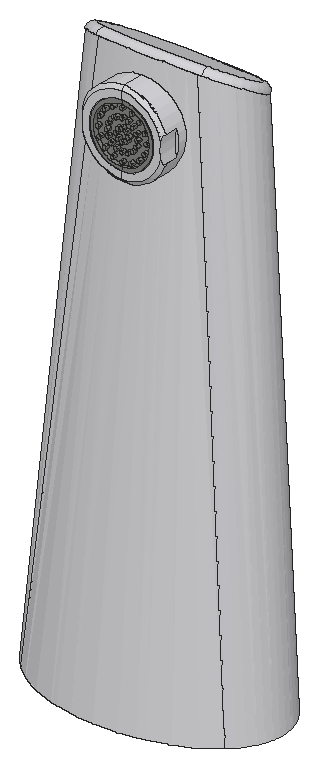
Revit family "Faucet-Wall_Mount-Bath_Spout-KOHLER-Complementary-K-10385IN_1", category Plumbing Fixtures, host Face, Revit 2021
Family settings
  Host = Face
  Round Connector Dimension = Use Diameter
  Part Type = Normal
  OmniClass Number = 23.31.11.00
  OmniClass Title = Faucets
  Cut with Voids When Loaded = No
  Shared = No
  Room Calculation Point = No
Parameters (values of type "CP-Polished Chrome")
  Width = 2 97/128"  # constant formula
  WaterSense Certified = 1 = 0  # no
  Waste Water Outlet = "Waste Water Outlet"  # constant formula
  Waste Connection = 1 = 0  # no
  Vent Connection = 1 = 0  # no
  URL = "https://www.kohler.co.in/"
  Type = 4
  Tempered Water Inlet = "Tempered Water Inlet"  # constant formula
  Spout Reach = 5 77/128"  # constant formula
  Product Page URL = "https://www.kohler.co.in/product-detail/10385in?skuid=K-10385IN-CP"
  Product Name = "Complementary"  # constant formula
  Product Documentation Link = ""
  Pressure = 4.51 psi  # constant formula
  Model = if(Type = 1, "K-10385IN-AF", if(Type = 2, "K-10385IN-BN", if(Type = 3, "K-10385IN-BV", if(Type = 4, "K-10385IN-CP", "NA"))))  # "K-10385IN-CP"
  Material = "Premium Metal Construction"  # constant formula
  Master Format 2014 Name = "Residential Faucets, Supplies, and Trim"  # constant formula
  Master Format 2014 = "22 41 39"  # constant formula
  Manufacturer Address = "Ambience Office Tower NH-8 Gurgaon / Gurugram Haryana , 122001"  # constant formula
  Manufacturer = "Kohler Co."  # constant formula
  Length = Spout Reach  # 5 77/128"
  Hot Water Inlet = "Hot Water Inlet"  # constant formula
  Height = 1 99/128"  # constant formula
  HW Connection = 1 = 1  # yes
  Flow Rate = 8.31 GPM  # constant formula
  Finish = Kohler-Metal-CP-Polished_Chrome
  Environmental Product Declaration = ""
  Drain Included = 1 = 0  # no
  Description = "Bath Spout, Without Diverter, Flat Face, 160mm"  # constant formula
  Default Elevation = 36"
  Declare Label = ""
  Date Modified = "02/06/2023"  # constant formula
  Date Created = "02/06/2023"  # constant formula
  Copyright = "Copyright Kohler Co."  # constant formula
  Contact Us = "https://www.kohler.co.in/contact-us"
  Cold Water Inlet = "Cold Water Inlet"  # constant formula
  CW Connection = 1 = 0  # no
  Assembly Code = "D2010"
  ADA Compliant = 1 = 0  # no
Types (5): name | Type | Product Page URL | Model | Finish
  (no name) | 4 | "https://www.kohler.co.in/product-detail/10385in?skuid=K-10385IN-CP" | "K-10385IN-CP" | Kohler-Metal-CP-Polished_Chrome
  AF-Vibrant French Gold | 1 | "https://www.kohler.co.in/product-detail/10385in?skuid=K-10385IN-AF" | "K-10385IN-AF" | Kohler-Metal-AF-Vibrant_French_Gold
  BN-Vibrant Brushed Nickel | 2 | "https://www.kohler.co.in/product-detail/10385in?skuid=K-10385IN-BN" | "K-10385IN-BN" | Kohler-Metal-BN-Vibrant_Brushed_Nickel
  BV-Brushed Bronze | 3 | "https://www.kohler.co.in/product-detail/10385in?skuid=K-10385IN-BV" | "K-10385IN-BV" | Kohler-Metal-BV-Brushed_Bronze
  CP-Polished Chrome | 4 | "https://www.kohler.co.in/product-detail/10385in?skuid=K-10385IN-CP" | "K-10385IN-CP" | Kohler-Metal-CP-Polished_Chrome
Reference planes (in)
  plane 1 "Center (Front/Back)": y = 0
  plane 2: z = 0
  plane 3 "Center (Left/Right)": x = 0
  plane 4: x = 1.37795
  plane 5: y = 0.88583
  plane 6: x = -1.37986
  plane 7: y = -0.88761
  plane 8: x = -0.89173
  plane 9: x = 0.89173
  plane 10: y = -0.57199
  plane 11: z = 6.27708
  plane 12: z = 5.60156
Dimensions and locks (in)
  "Width": plane 6 to plane 4
  "Height": plane 5 to plane 7
  "Length": plane 12 to level
  level to plane 11 = 6.27708"
  plane 8 to plane 9 = 1.78346"
  plane 1 "Center (Front/Back)" to plane 10 = 0.572"
  aligned and locked: plane 2 to host face
  aligned and locked: level to host face
Automatic sketch dimensions
  host sketch curve to host sketch curve = 96"  (x2)
Nested families (in)
  nested 1: "K-10385IN" at (0, 0, 0), type "K-10385IN"
Connectors (in)
  piping at (0, 0, 0), diameter 0.5, driven by "Flow Rate", driven by "Pressure", driven by "HW Connection", driven by "Tempered Water Inlet"
    settings: on nested 1, index 1, connector inside diameter 24", connector length 0", flow factor 0, pipe flow 8.31 GPM, pressure drop 4.51 psi, fitting loss kfactor 0, connector angle 0.00°, fixture units 0, engagement length 0", angle of deflection 0.00°, flow configuration 1, flow direction 1, fitting loss method 4, system type 19, joint type 0, gender type 0, connector reference index -1, connector utility 1, adjustable connector no, is connector primary yes, connector description "Tempered Water Inlet"
Definition of nested family "K-10385IN"
  Parameters
    Material = none
    Default Elevation = 0"
  Reference planes (in)
    plane 1 "Center (Front/Back)": y = 0
    plane 2: z = 0
    plane 3 "Center (Left/Right)": x = 0
    plane 4: z = 5.60236
    plane 5: x = -1.37795
    plane 6: x = 1.37795
    plane 7: x = -0.89173
    plane 8: x = 0.89173
    plane 9: z = 6.27708
    plane 10: y = -0.57199
    plane 11: y = 0.88583
    plane 12: y = -0.88583
    plane 13 "A": through (0, 0.71207, 5.79081) normal (0, -0.5, -0.866)
  Forms (in)
    Sweep 1, solid, material <- "Material", detail levels medium+fine
      path origin (0, 2.68551, 4.65145) x (0, 0.866025, -0.5) y (1, 0, 0)
        loop
          arc (-3.29327, -0.56409) -> (-2.85449, -0.9041) -> (-2.40088, -0.58416) r 0.46678
          arc (-2.40088, -0.58416) -> (-2.30694, 0.01208) -> (-2.40946, 0.60691) r 1.85445
          arc (-2.40946, 0.60691) -> (-2.85779, 0.91708) -> (-3.28926, 0.58385) r 0.46177
          arc (-3.28926, 0.58385) -> (-3.37164, 0.01016) -> (-3.29327, -0.56409) r 2.08961
      profile origin (0.01016, -0.23441, 6.33726) x (0.003493, -0.86602, 0.499997) y (0, -0.5, -0.866025)
        loop
          line (-0.00021, 0.08206) -> (-0.11585, 0.08206) -> (-0.11585, 0) -> (-0.07642, 0)
          arc (-0.07642, 0) -> (-0.02042, 0.02441) -> (-0.00021, 0.08206) r 0.07642
    SweptBlend 2, solid, material <- "Material", detail levels medium+fine
      path origin (0, 0, 0) x (0, 1, 0) y (0, 0, 1)
        loop
          line (0.18308, 6.40386) -> (-0.1672, -0.27988)
      profile origin (0, 0.18308, 6.40386) x (0, 0.99863, -0.052336) y (1, 0, 0)
        loop
          spline (-0.38666, 0.52497) -> (-0.40332, 0.43944) -> (-0.41702, 0.35325) -> (-0.42771, 0.26652) -> (-0.4354, 0.17939) -> (-0.44006, 0.092) -> (-0.44169, 0.00447) -> (-0.44028, -0.08307) -> (-0.43585, -0.17048) -> (-0.42838, -0.25763) -> (-0.41791, -0.34439) -> (-0.40444, -0.43063) -> (-0.38799, -0.51621)
          spline (-0.38799, -0.51621) -> (-0.36209, -0.60104) -> (-0.32196, -0.67856) -> (-0.26913, -0.74582) -> (-0.20562, -0.80022) -> (-0.13388, -0.83967) -> (-0.05666, -0.86267) -> (0.02307, -0.86832) -> (0.10225, -0.85642) -> (0.17785, -0.82741) -> (0.24695, -0.78241) -> (0.3069, -0.72316) -> (0.35541, -0.65192)
          spline (0.35541, -0.65192) -> (0.38189, -0.54435) -> (0.40359, -0.43544) -> (0.42046, -0.32546) -> (0.43244, -0.21468) -> (0.43952, -0.10337) -> (0.44168, 0.0082) -> (0.43891, 0.11976) -> (0.43121, 0.23102) -> (0.41862, 0.34171) -> (0.40115, 0.45157) -> (0.37885, 0.56033) -> (0.35178, 0.66771)
          spline (0.35178, 0.66771) -> (0.30249, 0.7371) -> (0.2422, 0.7945) -> (0.17317, 0.83777) -> (0.09799, 0.86526) -> (0.0195, 0.87596) -> (-0.05935, 0.86944) -> (-0.1356, 0.84597) -> (-0.20638, 0.80643) -> (-0.26903, 0.75229) -> (-0.32118, 0.6856) -> (-0.36089, 0.60886) -> (-0.38666, 0.52497)
      end profile origin (0, -0.1672, -0.27988) x (0, 0.99863, -0.052336) y (1, 0, 0)
        loop
          spline (0.57201, -1.15921) -> (0.69075, -1.01516) -> (0.79215, -0.84135) -> (0.8732, -0.64289) -> (0.93156, -0.42559) -> (0.9655, -0.19582) -> (0.97402, 0.03969) -> (0.95689, 0.27404) -> (0.9146, 0.50036) -> (0.84838, 0.71201) -> (0.76019, 0.9028) -> (0.65261, 1.06713) -> (0.52878, 1.20019)
          spline (0.52878, 1.20019) -> (0.45571, 1.25812) -> (0.37951, 1.30508) -> (0.30087, 1.34065) -> (0.22045, 1.36452) -> (0.13898, 1.37648) -> (0.05714, 1.37642) -> (-0.02433, 1.36436) -> (-0.10473, 1.34038) -> (-0.18336, 1.30471) -> (-0.25952, 1.25765) -> (-0.33257, 1.19962) -> (-0.40185, 1.13112)
          spline (-0.40185, 1.13112) -> (-0.51225, 0.98789) -> (-0.60635, 0.8183) -> (-0.68164, 0.62688) -> (-0.73611, 0.41872) -> (-0.76832, 0.19939) -> (-0.77739, -0.02526) -> (-0.76309, -0.24924) -> (-0.72579, -0.46657) -> (-0.66651, -0.67144) -> (-0.5868, -0.8584) -> (-0.48882, -1.02245) -> (-0.37515, -1.15921)
          spline (-0.37515, -1.15921) -> (-0.30296, -1.22477) -> (-0.22714, -1.27925) -> (-0.14836, -1.32214) -> (-0.06735, -1.35305) -> (0.01516, -1.37171) -> (0.09843, -1.37795) -> (0.18169, -1.37171) -> (0.2642, -1.35305) -> (0.34521, -1.32214) -> (0.42399, -1.27925) -> (0.49981, -1.22477) -> (0.57201, -1.15921)
    Extrusion 3, void
      sketch origin (0, 0, 0) x (0, 1, 0) y (0, 0, 1)
        loop
          line (0.78813, 5.65215) -> (0.78813, 6.55899) -> (-0.34224, 6.55899) -> (-0.34224, 6.30477) -> (0.78813, 5.65215)
      from -1.31629 to 1.11901
    Extrusion 4, solid, material <- "Material", detail levels medium+fine
      sketch origin (0, 2.68551, 4.65145) x (0, 0.866025, -0.5) y (1, 0, 0)
        loop
          arc (-3.17797, 0.55164) -> (-3.25578, 0.00976) -> (-3.18176, -0.53265) r 1.97376
          arc (-3.18176, -0.53265) -> (-2.85189, -0.78827) -> (-2.51086, -0.54774) r 0.35092
          arc (-2.51086, -0.54774) -> (-2.42279, 0.01125) -> (-2.51891, 0.56891) r 1.73859
          arc (-2.51891, 0.56891) -> (-2.85475, 0.80126) -> (-3.17797, 0.55164) r 0.34592
      from 0 to 0.08206
    Revolve 5, solid, material <- "Material", detail levels medium+fine
      sketch origin (0, 0, 0) x (0, 1, 0) y (0, 0, 1)
        loop
          line (-0.17043, 5.95213) -> (-0.17043, 6.07386) -> (-0.53264, 6.07386) -> (-0.57201, 6.03449) -> (-0.57201, 5.95213) -> (-0.17043, 5.95213)
        axis (-0.57201, 5.60203) -> (-0.17043, 5.60203)
      angle from 0 to 360
    Revolve 6, solid, detail levels medium+fine
      sketch origin (0, 0, 0) x (0, 1, 0) y (0, 0, 1)
        loop
          line (-0.57201, 5.94634) -> (-0.57201, 5.90697) -> (-0.44892, 5.90697) -> (-0.44892, 5.60203) -> (-0.40961, 5.60203) -> (-0.40961, 5.94634) -> (-0.57201, 5.94634)
        axis (-0.57201, 5.60203) -> (-0.40961, 5.60203)
      angle from 0 to 360
    Extrusion 7, solid, detail levels medium+fine
      sketch origin (0, 0, 0) x (1, 0, 0) y (0, 0, 1)
        loop
          circle (-0.26533, 5.60203) r 0.01969
        loop
          circle (-0.16676, 5.60203) r 0.01969
        loop
          circle (-0.06686, 5.60203) r 0.01969
        loop
          circle (-0.18762, 5.78965) r 0.01969
        loop
          circle (-0.11792, 5.71995) r 0.01969
        loop
          circle (-0.04728, 5.64931) r 0.01969
        loop
          circle (0, 5.86736) r 0.01969
        loop
          circle (0, 5.76879) r 0.01969
        loop
          circle (0, 5.66889) r 0.01969
        loop
          circle (0.18762, 5.78965) r 0.01969
        loop
          circle (0.11792, 5.71995) r 0.01969
        loop
          circle (0.04728, 5.64931) r 0.01969
        loop
          circle (0.26533, 5.60203) r 0.01969
        loop
          circle (0.16676, 5.60203) r 0.01969
        loop
          circle (0.06686, 5.60203) r 0.01969
        loop
          circle (-0.18762, 5.41441) r 0.01969
        loop
          circle (-0.11792, 5.48411) r 0.01969
        loop
          circle (-0.04728, 5.55475) r 0.01969
        loop
          circle (0, 5.33669) r 0.01969
        loop
          circle (0, 5.43526) r 0.01969
        loop
          circle (0, 5.53517) r 0.01969
        loop
          circle (0.18762, 5.41441) r 0.01969
        loop
          circle (0.11792, 5.48411) r 0.01969
        loop
          circle (0.04728, 5.55475) r 0.01969
        loop
          circle (-0.24424, 5.7057) r 0.01969
        loop
          circle (-0.15351, 5.66719) r 0.01969
        loop
          circle (-0.0994, 5.84804) r 0.01969
        loop
          circle (-0.06247, 5.75665) r 0.01969
        loop
          circle (0.10367, 5.84627) r 0.01969
        loop
          circle (0.06516, 5.75554) r 0.01969
        loop
          circle (0.24601, 5.70142) r 0.01969
        loop
          circle (0.15462, 5.6645) r 0.01969
        loop
          circle (0.24424, 5.49835) r 0.01969
        loop
          circle (0.15351, 5.53687) r 0.01969
        loop
          circle (-0.24601, 5.50263) r 0.01969
        loop
          circle (-0.15462, 5.53956) r 0.01969
        loop
          circle (-0.10367, 5.35779) r 0.01969
        loop
          circle (-0.06516, 5.44852) r 0.01969
        loop
          circle (0.0994, 5.35601) r 0.01969
        loop
          circle (0.06247, 5.44741) r 0.01969
      from 0.53264 to 0.57201
    Extrusion 8, solid, detail levels medium+fine
      sketch origin (0, 0, 0) x (1, 0, 0) y (0, 0, 1)
        loop
          circle (0, 5.60203) r 0.30494
      from 0.31424 to 0.53264
    Extrusion 9, void
      sketch origin (0, 0, 0) x (1, 0, 0) y (0, 0, 1)
        loop
          line (-1.59578, 0) -> (-1.59578, -0.7874) -> (1.55383, -0.7874) -> (1.55383, 0) -> (-1.59578, 0)
      from -1.0996 to 1.0898
    Extrusion 10, void
      sketch origin (0.00615, 0, 0) x (1, 0, 0) y (0, 0, 1)
        loop
          arc (0.43262, 5.74842) -> (0.41393, 5.60214) -> (0.43082, 5.45564) r 0.61126
          line (0.43082, 5.45564) -> (0.5131, 5.45564) -> (0.5131, 5.74842) -> (0.43262, 5.74842)
      from 0.37978 to 0.63965
    Extrusion 11, void
      sketch origin (-0.00615, 0, 0) x (-1, 0, 0) y (0, 0, -1)
        loop
          line (0.43262, -5.74842) -> (0.5131, -5.74842) -> (0.5131, -5.45564) -> (0.43082, -5.45564)
          arc (0.43082, -5.45564) -> (0.41393, -5.60214) -> (0.43262, -5.74842) r 0.61126
      from 0.37978 to 0.63965
    Blend 12, solid, material <- "Material", detail levels coarse
      base sketch origin (0, 0, 0) x (1, 0, 0) y (0, 1, 0)
        loop
          arc (-1.17642, -0.48729) -> (-0.00106, -0.95621) -> (1.17494, -0.48891) r 1.71046
          arc (1.17494, -0.48891) -> (1.35987, -0.06162) -> (1.17773, 0.36686) r 0.59055
          arc (1.17773, 0.36686) -> (0.00018, 0.84016) -> (-1.17803, 0.36849) r 1.70443
          arc (-1.17803, 0.36849) -> (-1.36076, -0.05975) -> (-1.17642, -0.48729) r 0.59055
      top sketch origin (0, 0, 0) x (1, 0, 0) y (0, 1, 0)
        loop
          arc (0.62674, 0.55146) -> (0.00975, 0.64694) -> (-0.60822, 0.55801) r 2.11378
          arc (-0.60822, 0.55801) -> (-0.88877, 0.17016) -> (-0.58751, -0.20185) r 0.3937
          arc (-0.58751, -0.20185) -> (0.00486, -0.27386) -> (0.59797, -0.20814) r 2.58516
          arc (0.59797, -0.20814) -> (0.90315, 0.16065) -> (0.62674, 0.55146) r 0.3937
      from 0 to 6.48654
    Extrusion 13, void
      sketch origin (0, 0, 0) x (0, 1, 0) y (0, 0, 1)
        loop
          arc (0.6239, 5.84151) -> (0.66844, 5.80036) -> (0.69094, 5.74405) r 0.1375
          line (0.69094, 5.74405) -> (0.69094, 6.62445) -> (-0.33734, 6.62445) -> (-0.33734, 6.23075)
          arc (-0.33734, 6.23075) -> (-0.28509, 6.31206) -> (-0.18845, 6.31053) r 0.09939
          line (-0.18845, 6.31053) -> (0.6239, 5.84151)
      from -1.3274 to 1.27564
    Revolve 14, solid, material <- "Material", detail levels coarse
      sketch origin (0, 0, 0) x (0, 1, 0) y (0, 0, 1)
        loop
          line (-0.18293, 5.60203) -> (-0.18293, 6.08044) -> (-0.57663, 6.08044) -> (-0.57663, 5.60203) -> (-0.18293, 5.60203)
        axis (-0.57663, 5.60203) -> (-0.18293, 5.60203)
      angle from 0 to 360
    Extrusion 15, solid, material <- "Material", detail levels medium+fine
      sketch origin (0, 0, 0) x (1, 0, 0) y (0, 1, 0)
        loop
          circle (0, 0) r 0.07874
      from 0 to 0.022
  Cuts and joins
    Extrusion 3, Extrusion 9, Extrusion 11 cuts SweptBlend 2
    Extrusion 10, Extrusion 11 cuts Revolve 5
    joined: SweptBlend 2, Revolve 5
    joined: Sweep 1, Extrusion 4
    Extrusion 13 cuts Blend 12
    joined: Blend 12, Revolve 14
    joined: Revolve 6, Extrusion 8
  Lines and regions (in)
    Masking region 1
      outline origin (0, 0, 0) x (1, 0, 0) y (0, 1, 0)
        loop
          spline (-1.37795, 0) -> (-1.331, -0.22927) -> (-1.19334, -0.44291) -> (-0.97436, -0.62637) -> (-0.68898, -0.76715) -> (-0.35664, -0.85564) -> (0, -0.88583) -> (0.35664, -0.85564) -> (0.68898, -0.76715) -> (0.97436, -0.62637) -> (1.19334, -0.44291) -> (1.331, -0.22927) -> (1.37795, 0)
          spline (1.37795, 0) -> (1.331, 0.22927) -> (1.19334, 0.44291) -> (0.97436, 0.62637) -> (0.68898, 0.76715) -> (0.35664, 0.85564) -> (0, 0.88583) -> (-0.35664, 0.85564) -> (-0.68898, 0.76715) -> (-0.97436, 0.62637) -> (-1.19334, 0.44291) -> (-1.331, 0.22927) -> (-1.37795, 0)
    Masking region 2
      outline origin (0, 0, 0) x (1, 0, 0) y (0, 0, 1)
        loop
          line (0.3937, 6.27708) -> (-0.3937, 6.27708)
          arc (-0.3937, 6.27708) -> (-0.54537, 6.26322) -> (-0.69201, 6.22211) r 0.83688
          arc (-0.69201, 6.22211) -> (-0.76965, 6.18254) -> (-0.83712, 6.12741) r 0.40844
          arc (-0.83712, 6.12741) -> (-0.857, 6.10369) -> (-0.87276, 6.07706) r 0.19026
          arc (-0.87276, 6.07706) -> (-0.8887, 6.04179) -> (-0.89087, 6.00316) r 0.10567
          line (-0.89087, 6.00316) -> (-1.37795, 0) -> (1.37795, 0) -> (0.89173, 6.00316)
          arc (0.89173, 6.00316) -> (0.88898, 6.04405) -> (0.87088, 6.08082) r 0.10567
          arc (0.87088, 6.08082) -> (0.85577, 6.1054) -> (0.83712, 6.12741) r 0.19026
          arc (0.83712, 6.12741) -> (0.76965, 6.18254) -> (0.69201, 6.22211) r 0.40844
          arc (0.69201, 6.22211) -> (0.54537, 6.26322) -> (0.3937, 6.27708) r 0.83688
    Masking region 3
      outline origin (0, 0, 0) x (0, 1, 0) y (0, 0, 1)
        loop
          line (0.88583, 0) -> (0.75873, 5.74201)
          arc (0.75873, 5.74201) -> (0.75324, 5.7612) -> (0.73905, 5.77523) r 0.03937
          line (0.73905, 5.77523) -> (-0.11575, 6.26875)
          arc (-0.11575, 6.26875) -> (-0.17448, 6.27035) -> (-0.20789, 6.22202) r 0.06167
          line (-0.20789, 6.22202) -> (-0.22397, 6.07447) -> (-0.53264, 6.07447) -> (-0.57201, 6.0351) -> (-0.57201, 5.16896) -> (-0.53264, 5.12959) -> (-0.32692, 5.12959) -> (-0.88583, 0) -> (0.88583, 0)
    symbolic lines, detail levels medium+fine
      curve 1: line (-0.47458, 0.64147, 0) -> (0.47458, 0.64147, 0)
      curve 2: line (0.47458, -0.19284, 0) -> (-0.47458, -0.19284, 0)
      curve 3: arc (-0.47458, -0.19284, 0) -> (-0.89173, 0.22431, 0) -> (-0.47458, 0.64147, 0) r 0.41716
      curve 4: arc (0.47458, 0.64147, 0) -> (0.89173, 0.22431, 0) -> (0.47458, -0.19284, 0) r 0.41716
      curve 5: line (-0.43307, -0.45144, 0) -> (-0.43307, -0.57201, 0)
      curve 6: line (-0.43307, -0.45144, 0) -> (-0.47244, -0.45144, 0)
      curve 7: line (0.43307, -0.57201, 0) -> (-0.43307, -0.57201, 0)
      curve 8: line (0.43307, -0.45144, 0) -> (0.43307, -0.57201, 0)
      curve 9: line (0.43307, -0.45144, 0) -> (0.47244, -0.45144, 0)
      curve 10: line (-0.47244, -0.45144, 0) -> (-0.47244, -0.26307, 0)
      curve 11: line (0.47244, -0.45144, 0) -> (0.47244, -0.26307, 0)
      curve 12: arc (-0.47244, -0.26307, 0) -> (0, -0.22777, 0) -> (0.47244, -0.26307, 0) r 3.17933
      curve 13: line (-0.43307, -0.53264, 0) -> (0.43307, -0.53264, 0)
      curve 14: line (-0.45676, 0.61739, 0) -> (0.45357, 0.61739, 0)
      curve 15: line (0.45357, -0.12647, 0) -> (-0.45676, -0.12647, 0)
      curve 16: arc (0.45357, 0.61739, 0) -> (0.8255, 0.24546, 0) -> (0.45357, -0.12647, 0) r 0.37193
      curve 17: arc (-0.45676, -0.12647, 0) -> (-0.82868, 0.24546, 0) -> (-0.45676, 0.61739, 0) r 0.37193
      curve 18: line (-0.47458, 0.64147, 0) -> (-0.62317, 0.79006, 0)
      curve 19: line (-0.34997, 0.64147, 0) -> (-0.52699, 0.81849, 0)
      curve 20: line (0.47458, 0.64147, 0) -> (0.62317, 0.79006, 0)
      curve 21: line (0.34997, 0.64147, 0) -> (0.52699, 0.81849, 0)
      curve 22: line (-0.43307, -0.19284, 0) -> (-0.46224, -0.26155, 0)
      curve 23: line (-0.39738, -0.19284, 0) -> (-0.42428, -0.25621, 0)
      curve 24: line (-0.47244, -0.2856, 0) -> (-0.67848, -0.771, 0)
      curve 25: line (-0.47244, -0.36967, 0) -> (-0.64744, -0.78196, 0)
      curve 26: line (0.43307, -0.19284, 0) -> (0.46224, -0.26155, 0)
      curve 27: line (0.39738, -0.19284, 0) -> (0.42428, -0.25621, 0)
      curve 28: line (0.47244, -0.28559, 0) -> (0.67848, -0.771, 0)
      curve 29: line (0.47244, -0.36967, 0) -> (0.64744, -0.78196, 0)
      curve 30: line (-0.43307, -0.19284, 0) -> (-0.43307, -0.12647, 0)
      curve 31: line (-0.39738, -0.19284, 0) -> (-0.39738, -0.12647, 0)
      curve 32: line (0.43307, -0.19284, 0) -> (0.43307, -0.12647, 0)
      curve 33: line (0.39738, -0.19284, 0) -> (0.39738, -0.12647, 0)
      curve 34: line (0.89173, 0.22431, 0) -> (1.37795, 0, 0)
      curve 35: line (0.3937, 0, 5.78244) -> (-0.39284, 0, 5.78244)
      curve 36: arc (0.77536, 0, 5.86246) -> (0.58868, 0, 5.80266) -> (0.3937, 0, 5.78244) r 0.95018
      curve 37: arc (0.8756, 0, 5.95392) -> (0.83301, 0, 5.89994) -> (0.77536, 0, 5.86246) r 0.21171
      curve 38: arc (0.89173, 0, 6.00316) -> (0.886, 0, 5.97778) -> (0.8756, 0, 5.95392) r 0.13825
      curve 39: arc (-0.77449, 0, 5.86246) -> (-0.58781, 0, 5.80266) -> (-0.39284, 0, 5.78244) r 0.95018
      curve 40: arc (-0.87474, 0, 5.95392) -> (-0.83214, 0, 5.89994) -> (-0.77449, 0, 5.86246) r 0.21171
      curve 41: arc (-0.89087, 0, 6.00316) -> (-0.88513, 0, 5.97778) -> (-0.87474, 0, 5.95392) r 0.13825
      curve 42: line (0.3937, 0, 6.26527) -> (-0.3937, 0, 6.26527)
      curve 43: line (-0.43368, 0, 5.82969) -> (0.43368, 0, 5.82969)
      curve 44: arc (0.71579, 0, 6.19649) -> (0.55837, 0, 6.24788) -> (0.3937, 0, 6.26527) r 0.78847
      curve 45: arc (0.82275, 0, 6.09241) -> (0.77849, 0, 6.15393) -> (0.71579, 0, 6.19649) r 0.21708
      curve 46: arc (0.8187, 0, 5.99817) -> (0.83254, 0, 6.04478) -> (0.82275, 0, 6.09241) r 0.10001
      curve 47: arc (0.67707, 0, 5.88563) -> (0.75828, 0, 5.92882) -> (0.8187, 0, 5.99817) r 0.25316
      curve 48: arc (0.43368, 0, 5.82969) -> (0.5565, 0, 5.85278) -> (0.67707, 0, 5.88563) r 1.56015
      curve 49: arc (-0.71579, 0, 6.19649) -> (-0.55837, 0, 6.24788) -> (-0.3937, 0, 6.26527) r 0.78847
      curve 50: arc (-0.82275, 0, 6.09241) -> (-0.77849, 0, 6.15393) -> (-0.71579, 0, 6.19649) r 0.21708
      curve 51: arc (-0.8187, 0, 5.99817) -> (-0.83254, 0, 6.04478) -> (-0.82275, 0, 6.09241) r 0.10001
      curve 52: arc (-0.67707, 0, 5.88563) -> (-0.75828, 0, 5.92882) -> (-0.8187, 0, 5.99817) r 0.25316
      curve 53: arc (-0.43368, 0, 5.82969) -> (-0.5565, 0, 5.85278) -> (-0.67707, 0, 5.88563) r 1.56015
      curve 54: line (0.39205, 0, 5.82969) -> (0.59563, 0, 0)
      curve 55: line (-0.35009, 0, 5.82969) -> (-0.55367, 0, 0)
      curve 56: line (0, -0.20789, 6.22202) -> (0, 0.75873, 5.74201)
      curve 57: line (0, -0.53264, 6.07447) -> (0, -0.53264, 5.79084)
      curve 58: line (0, -0.57201, 5.60203) -> (0, -0.53264, 5.79084)
      curve 59: line (0, -0.41453, 5.79084) -> (0, -0.53264, 5.79084)
      curve 60: line (0, -0.41453, 5.41322) -> (0, -0.41453, 5.79084)
      curve 61: line (0, -0.53264, 5.41322) -> (0, -0.41453, 5.41322)
      curve 62: line (0, -0.57201, 5.60203) -> (0, -0.53264, 5.41322)
      curve 63: line (0, -0.53264, 5.41322) -> (0, -0.53264, 5.12959)
      curve 64: line (0, -0.22397, 6.07447) -> (0, -0.32692, 5.12959)
      curve 65: line (0, 0.64846, 0) -> (0, 0.75873, 5.74201)
      curve 66: line (0, -0.41453, 0) -> (0, -0.10421, 6.17053)
      curve 67: line (0, 0.75067, 0) -> (0, 0.75873, 5.74201)
      curve 68: line (0.43145, 0, 5.82969) -> (0.63502, 0, 0)
      curve 69: line (-0.38949, 0, 5.82969) -> (-0.59306, 0, 0)
      curve 70: line (-0.16492, -0.45144, 0) -> (-0.16492, -0.3696, 0)
      curve 71: line (-0.43307, -0.45144, 0) -> (-0.16492, -0.45144, 0)
      curve 72: line (0.16492, -0.45144, 0) -> (0.43307, -0.45144, 0)
      curve 73: line (-0.16492, -0.3696, 0) -> (0.16492, -0.3696, 0)
      curve 74: line (0.16492, -0.45144, 0) -> (0.16492, -0.3696, 0)
      curve 75: arc (-0.16492, -0.45144, 0) -> (0, -0.51036, 0) -> (0.16492, -0.45144, 0) r 0.26027
      curve 76: line (0, 0, 0) -> (0, 0.21003, 6.01449)
      curve 77: line (0, 0.21003, 6.01449) -> (0, 0.25199, 6.05644)
  Dimensions and locks (in)
    aligned and locked: plane 2 to level
